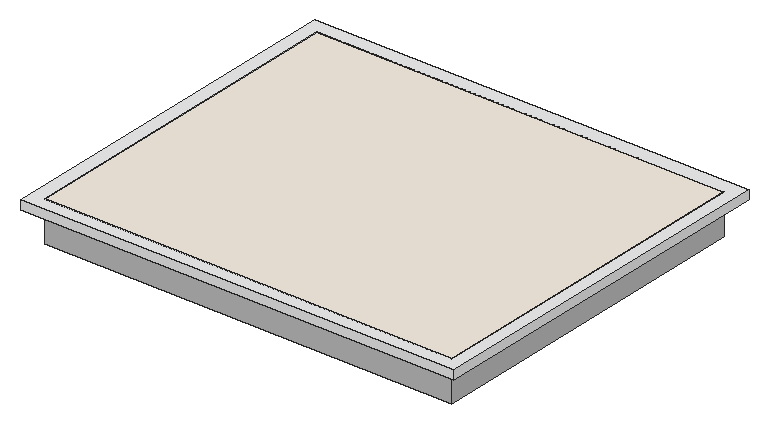
Revit family "Lighting-Industriale-GEWISS-ELIA-HL-LED_RIFLETTORE", category Apparecchi per illuminazione, host Superficie, Revit 2019 (continued)
Types (12, lengths in mm): name | Tensione | Scheda Tecnica | Potenza di sistema | Peso (kg): | Peso (kg) | Ottica | built-in parameter 1150142 | Lumen output (lm) | Modello | IDT | File diagramma fotometrico | Description
    .26 5068.28 4883.13 4706.03 4537.78 4378.39 \r\n4227.86 4087.79 3954.16 3822.95 3694.95 3569.37 3447.82 \r\n3332.70 3222.42 3116.96 3015.53 2917.32 2821.53 2731.37 \r\n2644.43 2558.29 2473.77 2392.46 2311.96 2232.27 2154.18 \r\n2080.12 2007.67 1937.63 1869.21 1799.98 1731.56 1663.13 \r\n1595.43 1526.68 1459.30 1394.90 1333.40 1274.72 1219.82 \r\n1170.23 1123.62 1078.30 1034.67 992.24 951.35 912.71 \r\n875.36 838.49 801.94 765.47 729.41 693.91 659.94 628.30 \r\n598.68 571.07 544.82 519.39 494.35 469.15 444.92 422.95 \r\n402.26 382.21 362.81 343.57 324.82 306.87 289.88 274.34 \r\n259.45 244.48 230.07 216.46 203.42 190.87 179.03 167.92 \r\n157.22 146.34 135.43 124.31 113.36 102.90 92.91 83.52 \r\n74.60 66.02 57.82 49.99 42.59 35.71 29.29 23.21 17.73 \r\n13.13 9.33 6.40 4.34 3.17 2.88 \r\n8062.88 8064.49 8065.29 8066.90 8069.32 8072.54 8075.76 \r\n8079.78 8083.81 8088.64 8093.47 8099.91 8106.35 8113.59 \r\n8121.64 8129.69 8137.74 8145.79 8153.84 8162.70 8171.55 \r\n8180.41 8190.07 8198.12 8207.78 8215.83 8224.68 8232.73 \r\n8240.78 8247.22 8253.66 8260.10 8264.13 8267.35 8269.76 \r\n8270.57 8270.57 8268.96 8265.74 8261.71 8254.47 8246.42 \r\n8236.76 8224.68 8211.00 8194.90 8177.99 8158.67 8136.13 \r\n8111.98 8083.81 8055.63 8023.43 7988.82 7950.98 7909.93 \r\n7864.85 7815.74 7762.61 7703.85 7640.25 7571.02 7496.16 \r\n7414.05 7325.50 7229.70 7126.66 7018.79 6904.48 6785.34 \r\n6658.96 6523.72 6378.82 6222.65 6051.18 5859.59 5658.34 \r\n5459.51 5262.28 5069.89 4883.93 4705.22 4537.78 4378.39 \r\n4230.27 4091.01 3958.99 3825.36 3696.56 3572.59 3453.45 \r\n3337.53 3225.64 3117.77 3014.73 2914.91 2819.92 2728.95 \r\n2640.40 2554.27 2470.55 2389.24 2309.55 2230.66 2152.57 \r\n2078.51 2006.87 1936.83 1867.60 1799.98 1731.56 1663.93 \r\n1595.67 1527.25 1459.63 1393.62 1330.67 1272.71 1218.85 \r\n1169.58 1123.22 1078.06 1034.59 992.40 951.67 913.11 \r\n875.76 838.97 802.42 765.56 729.17 693.35 658.97 627.18 \r\n597.55 570.50 544.66 519.39 494.51 469.31 445.08 423.35 \r\n402.82 382.86 363.54 344.38 325.86 308.07 291.25 275.63 \r\n260.74 245.53 230.71 216.79 203.50 191.03 179.19 168.25 \r\n157.53 146.67 135.73 124.47 113.38 102.88 92.91 83.54 \r\n74.64 66.00 57.75 49.89 42.48 35.60 29.19 23.10 17.63 \r\n13.07 9.32 6.40 4.33 3.16 2.87 \r\n8062.88 8064.49 8065.29 8066.90 8069.32 8072.54 8075.76 \r\n8079.78 8083.00 8087.83 8093.47 8099.91 8106.35 8113.59 \r\n8120.84 8128.89 8136.94 8145.79 8153.84 8162.70 8171.55 \r\n8180.41 8189.26 8198.12 8206.97 8216.63 8224.68 8232.73 \r\n8239.98 8247.22 8253.66 8259.30 8263.32 8266.54 8269.76 \r\n8271.37 8270.57 8268.96 8265.74 8260.91 8254.47 8246.42 \r\n8235.95 8224.68 8211.00 8195.70 8178.80 8158.67 8136.94 \r\n8112.79 8085.42 8056.44 8024.24 7990.43 7952.59 7910.73 \r\n7866.46 7818.16 7765.03 7707.07 7643.47 7574.24 7498.57 \r\n7417.27 7329.52 7232.92 7129.88 7021.21 6906.09 6786.15 \r\n6659.76 6525.33 6381.23 6225.06 6055.21 5863.62 5663.98 \r\n5463.53 5264.70 5070.69 4883.13 4705.22 4536.17 4379.20 \r\n4232.69 4094.23 3962.21 3828.58 3698.17 3576.62 3458.28 \r\n3341.56 3228.86 3118.57 3013.92 2914.10 2818.31 2724.93 \r\n2636.38 2550.24 2467.33 2386.83 2307.93 2229.05 2151.77 \r\n2077.71 2004.45 1934.42 1865.99 1798.37 1730.75 1663.13 \r\n1595.83 1527.57 1459.79 1392.33 1328.09 1270.77 1217.88 \r\n1168.94 1122.65 1077.73 1034.51 992.48 951.99 913.59 \r\n876.24 839.45 802.99 765.80 728.93 692.78 658.09 626.29 \r\n596.75 570.02 544.58 519.47 494.67 469.48 445.33 423.67 \r\n403.39 383.50 364.34 345.26 326.91 309.20 292.46 276.92 \r\n261.87 246.41 231.28 217.03 203.58 191.19 179.43 168.41 \r\n157.82 146.97 135.99 124.61 113.38 102.87 92.91 83.58 \r\n74.68 65.99 57.68 49.80 42.38 35.50 29.09 22.99 17.52 \r\n13.01 9.31 6.39 4.32 3.15 2.86 \r\n8062.88 8064.49 8066.10 8067.71 8069.32 8072.54 8075.76 \r\n8079.78 8083.81 8088.64 8093.47 8099.10 8106.35 8113.59 \r\n8121.64 8129.69 8137.74 8145.79 8153.84 8162.70 8171.55 \r\n8179.60 8189.26 8198.12 8206.97 8215.83 8223.88 8231.93 \r\n8239.98 8247.22 8253.66 8259.30 8263.32 8267.35 8269.76 \r\n8270.57 8270.57 8268.96 8266.54 8261.71 8255.27 8247.22 \r\n8236.76 8224.68 8211.00 8196.51 8179.60 8159.48 8137.74 \r\n8113.59 8086.22 8057.24 8025.85 7990.43 7952.59 7912.34 \r\n7867.26 7818.96 7766.64 7708.68 7645.08 7575.85 7500.18 \r\n7418.88 7331.13 7234.53 7131.49 7022.01 6906.90 6787.76 \r\n6660.57 6526.13 6382.04 6226.67 6057.62 5867.64 5668.00 \r\n5466.75 5267.11 5070.69 4882.32 4703.61 4535.37 4380.00 \r\n4234.30 4097.45 3965.43 3830.19 3699.78 3579.03 3462.31 \r\n3346.39 3232.08 3120.99 3012.31 2912.49 2816.70 2722.51 \r\n2632.35 2547.02 2464.91 2384.41 2305.52 2228.24 2150.96 \r\n2076.09 2002.84 1933.61 1865.19 1796.76 1729.95 1663.13 \r\n1595.83 1527.73 1459.79 1391.12 1325.84 1269.00 1217.08 \r\n1168.30 1122.17 1077.41 1034.34 992.65 952.40 914.00 \r\n876.65 839.94 803.47 766.04 728.85 692.30 657.52 625.57 \r\n596.18 569.62 544.66 519.55 494.83 469.72 445.49 424.07 \r\n403.95 384.15 364.91 346.15 327.88 310.25 293.58 277.97 \r\n262.83 247.14 231.84 217.35 203.75 191.27 179.60 168.73 \r\n158.07 147.21 136.18 124.69 113.38 102.85 92.91 83.60 \r\n74.72 65.99 57.62 49.72 42.29 35.41 29.01 22.90 17.44 \r\n12.95 9.30 6.38 4.31 3.14 2.85 \r\n8062.88 8064.49 8066.10 8067.71 8069.32 8072.54 8075.76 \r\n8078.98 8083.81 8088.64 8093.47 8099.91 8106.35 8114.40 \r\n8120.84 8128.89 8136.94 8144.99 8154.65 8162.70 8170.75 \r\n8180.41 8188.46 8198.12 8207.78 8215.83 8223.88 8231.93 \r\n8239.98 8246.42 8254.47 8259.30 8264.13 8267.35 8268.96 \r\n8270.57 8270.57 8268.96 8265.74 8260.91 8254.47 8246.42 \r\n8236.76 8223.88 8211.00 8196.51 8180.41 8159.48 8138.55 \r\n8112.79 8085.42 8058.05 8025.85 7990.43 7953.40 7911.54 \r\n7868.07 7819.77 7766.64 7708.68 7645.89 7576.66 7500.99 \r\n7420.49 7331.94 7235.34 7132.30 7022.82 6906.90 6787.76 \r\n6658.96 6525.33 6382.04 6225.87 6056.82 5868.45 5670.42 \r\n5467.56 5266.31 5071.50 4881.52 4702.81 4533.76 4379.20 \r\n4235.91 4099.06 3967.04 3831.80 3701.39 3582.25 3466.33 \r\n3348.80 3234.49 3121.79 3012.31 2910.88 2815.89 2720.90 \r\n2629.13 2543.80 2461.69 2382.80 2303.91 2226.63 2149.35 \r\n2075.29 2002.84 1932.00 1864.38 1796.76 1729.14 1663.13 \r\n1595.83 1527.89 1459.79 1390.07 1324.06 1267.55 1216.36 \r\n1167.89 1121.85 1077.25 1034.26 992.73 952.64 914.32 \r\n876.97 840.42 803.87 766.20 728.85 692.14 657.04 625.16 \r\n595.70 569.46 544.66 519.71 494.91 469.80 445.81 424.40 \r\n404.27 384.63 365.47 346.79 328.60 311.05 294.47 278.85 \r\n263.56 247.78 232.16 217.51 203.83 191.43 179.68 168.89 \r\n158.26 147.38 136.32 124.76 113.38 102.85 92.91 83.62 \r\n74.75 65.99 57.59 49.65 42.21 35.34 28.95 22.83 17.36 \r\n12.91 9.28 6.38 4.30 3.13 2.85 \r\n" | "16100" | "GWF1000ML840" | "eec970ad-13a1-47b5-b042-b06eff3be9c4" | "GWF1000ML840.IES" | "ELIA HL M2 90° 4000K S.ALONE ON/OFF"
